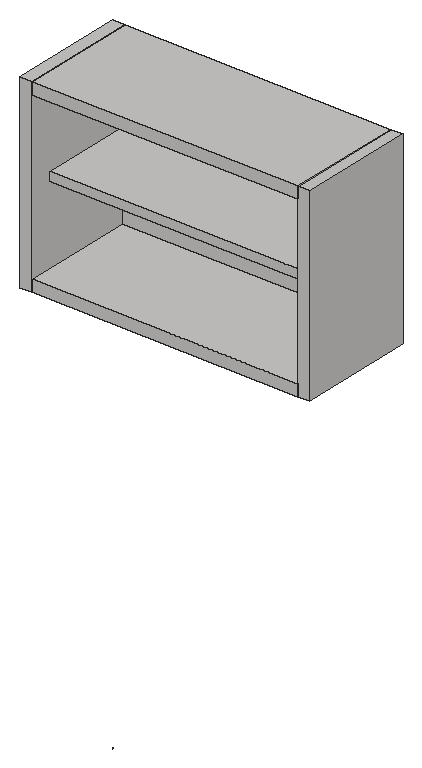
Revit family "QF_ELECTROLUXPROFESSIONAL_133256_PA1000LCN", category Attrezzature speciali, Revit 2020
Family settings
  Quota connettore circolare = Usa diametro
  Tipo di parte = Normale
  Basato su piano di lavoro = No
  Sempre verticale = Sì
  Taglio con vuoti quando caricato = No
  Condiviso = No
  Punto di calcolo locali = No
Parameters (values of type "Standard")
  Weight = 19.00 kg
  Watts = 0 W
  Volts = 0 V
  URL Manufacturer = "https://www.electroluxprofessional.com/"
  URL = "https://www.electroluxprofessional.com/"
  Steam Supply Size = 0 mm
  Steam Supply Minimum Pressure = 0.0 Pa
  Steam Supply Maximum Pressure = 0.0 Pa
  Steam Consumption per Hour = 0
  Refrigeration Suction Line Size = 0.0 mm
  Refrigeration Liquid Line Size = 0.0 mm
  Refrigerant Compressor Remote = yes
  Prospetto di default = 0.0 mm
  Phase = 0
  Modello = "PA1000LCN"
  Produttore = "Electrolux Professional"
  Length Actual = 1000.0 mm  # constant formula
  Item Number = "133256"
  Hot Water Size = 0 mm
  Height Actual = 650.0 mm  # constant formula
  HP = "0 HP"
  Gas Size = 0 mm
  Gas KW = 0
  Gas Input Pressure = 0 W
  Direct Waste Size = 0 mm
  Descrizione = "OPEN WALL CUPBOARD 1000 MM"
  Depth Actual = 400.0 mm  # constant formula
  Cycle = 0 Hz
  Condensate Return Size = 0 mm
  Compressed Air Volume = 0.0 L/s
  Compressed Air Size = 0 mm
  Compressed Air Pressure = 0.0 Pa
  Cold Water Size = 0 mm
  Accessory = yes
Reference planes
  plane 1 "Center (Front/Back)": y = 0
  plane 2: z = 0
  plane 3 "Center (Left/Right)": x = -300
  plane 4 "LEFT": x = -800
  plane 5 "RIGHT": x = 200
  plane 6 "BACK": y = 200
  plane 7 "FRONT": y = -200
  plane 8 "Base": z = 2250
  plane 9 "BASE": z = 1600
  plane 10: x = -760
  plane 11: x = 160
  plane 12: y = -197
  plane 13: y = 150
  plane 14: y = 190
  plane 15 "Ripiano": z = 1910
  plane 16: z = 1940
Forms (mm)
  Extrusion 1, solid, material "QF_Finishes_Stainless Steel"
    sketch origin (0, 0, 1600) x (-1, 0, 0) y (0, -1, 0)
      loop
        line (800, -200) -> (800, 200) -> (760, 200) -> (760, -200) -> (800, -200)
      loop
        line (-160, -200) -> (-160, 200) -> (-200, 200) -> (-200, -200) -> (-160, -200)
    from 0 to 650
  Extrusion 2, solid, material "QF_Finishes_Stainless Steel"
    sketch origin (0, 0, 1600) x (-1, 0, 0) y (0, -1, 0)
      loop
        line (760, -200) -> (760, 200) -> (-160, 200) -> (-160, -200) -> (760, -200)
    from 0 to 40
  Extrusion 3, solid, material "QF_Finishes_Stainless Steel"
    sketch origin (0, 0, 0) x (1, 0, 0) y (0, 1, 0)
      loop
        line (-760, -200) -> (160, -200) -> (160, 200) -> (-760, 200) -> (-760, -200)
    from 2210 to 2250
  Extrusion 4, solid, material "QF_Finishes_Stainless Steel"
    sketch origin (0, 0, 0) x (1, 0, 0) y (0, 1, 0)
      loop
        line (-800, 200) -> (-800, 199) -> (-799, 199) -> (-799, 200) -> (-800, 200)
    from 0 to 1
  Extrusion 5, solid, material "QF_Finishes_Stainless Steel"
    sketch origin (0, 0, 1910) x (-1, 0, 0) y (0, -1, 0)
      loop
        line (760, -190) -> (760, 124.1) -> (-160, 124.1) -> (-160, -190) -> (760, -190)
    from 0 to 30
  Extrusion 6, solid, material "QF_Finishes_Stainless Steel"
    sketch origin (0, 0, 1910) x (-1, 0, 0) y (0, -1, 0)
      loop
        line (760, -200) -> (760, -190) -> (-160, -190) -> (-160, -200) -> (760, -200)
    from -270 to 300
Lines and regions (mm)
  symbolic lines
    curve 1: line (200, 200, 0) -> (-800, -200, 0)
    curve 2: line (-800, 200, 0) -> (200, 200, 0)
    curve 3: line (-800, -200, 0) -> (-800, 200, 0)
    curve 4: line (200, -200, 0) -> (-800, -200, 0)
    curve 5: line (200, 200, 0) -> (200, -200, 0)
  symbolic lines, style "SpecialityEquipmentHiddenLines"
    curve 6: line (-760, -124.1, 1910) -> (160, -124.1, 1910)
    curve 7: line (160, -200, 1910) -> (160, 190, 1910)
    curve 8: line (160, 190, 1910) -> (-760, 190, 1910)
    curve 9: line (-760, 190, 1910) -> (-760, -200, 1910)
Dimensions and locks
  plane 4 "LEFT" to plane 5 "RIGHT" = 1000.0 mm
  equal spacing: plane 4 "LEFT", plane 3 "Center (Left/Right)", plane 5 "RIGHT"
  plane 6 "BACK" to plane 7 "FRONT" = 400.0 mm
  equal spacing: plane 6 "BACK", plane 1 "Center (Front/Back)", plane 7 "FRONT"
  plane 9 "BASE" to level = 1600.0 mm
  locked: plane 4 "LEFT" to plane 10 at 40
  locked: plane 11 to plane 5 "RIGHT" at 40
  plane 12 to plane 7 "FRONT" = 3.0 mm
  plane 6 "BACK" to plane 13 = 50.0 mm
  locked: plane 8 "Base" to plane 9 "BASE" at 650
  locked: plane 15 "Ripiano" to plane 9 "BASE" at 310
  locked: plane 16 to plane 15 "Ripiano" at 30
  aligned and locked: level to plane 2
  aligned and locked: plane 8 "Base" to Extrusion 1
  aligned and locked: plane 6 "BACK" to Extrusion 1 sketch curve
  aligned and locked: Extrusion 1 sketch curve to plane 6 "BACK"
  aligned and locked: plane 7 "FRONT" to Extrusion 1 sketch curve
  aligned and locked: Extrusion 1 sketch curve to plane 7 "FRONT"
  aligned and locked: plane 10 to Extrusion 1
  aligned and locked: Extrusion 1 to plane 11
  aligned and locked: Extrusion 2 to plane 10
  aligned and locked: plane 11 to Extrusion 2
  aligned and locked: plane 8 "Base" to Extrusion 3
  aligned and locked: Extrusion 3 to plane 7 "FRONT"
  aligned and locked: Extrusion 2 to plane 7 "FRONT"
Automatic sketch dimensions
  Extrusion 1 sketch curve to plane 5 "RIGHT" = 0.0 mm
  Extrusion 1 sketch curve to plane 11 = 0.0 mm
  Extrusion 1 sketch curve to plane 10 = 0.0 mm
  Extrusion 1 sketch curve to plane 4 "LEFT" = 0.0 mm
  Extrusion 2 sketch curve to plane 11 = 0.0 mm
  Extrusion 2 sketch curve to plane 10 = 0.0 mm
  Extrusion 2 sketch curve to plane 13 = 50.0 mm
  Extrusion 2 sketch curve to plane 12 = 3.0 mm
  Extrusion 3 sketch curve to plane 10 = 0.0 mm
  Extrusion 3 sketch curve to plane 11 = 0.0 mm
  Extrusion 3 sketch curve to plane 12 = 3.0 mm
  Extrusion 3 sketch curve to plane 14 = 10.0 mm
  Extrusion 4 sketch curve to plane 6 "BACK" = 0.0 mm
  Extrusion 4 sketch curve to plane 4 "LEFT" = 0.0 mm
  plane 4 "LEFT" to Extrusion 4 sketch curve = 1.0 mm
  Extrusion 4 sketch curve to plane 6 "BACK" = 1.0 mm
  curve 4 to plane 4 "LEFT" = 0.0 mm
  curve 5 to plane 5 "RIGHT" = 0.0 mm
  Extrusion 5 sketch curve to plane 11 = 0.0 mm
  Extrusion 5 sketch curve to plane 10 = 0.0 mm
  plane 14 to Extrusion 5 sketch curve = 0.0 mm
  plane 12 to Extrusion 5 sketch curve = 72.9 mm
  Extrusion 6 sketch curve to plane 6 "BACK" = 0.0 mm
  Extrusion 6 sketch curve to plane 11 = 0.0 mm
  Extrusion 6 sketch curve to plane 10 = 0.0 mm
  plane 14 to Extrusion 6 sketch curve = 0.0 mm
  curve 1 to plane 7 "FRONT" = 0.0 mm
  curve 3 to plane 6 "BACK" = 0.0 mm
  curve 6 to plane 11 = 0.0 mm
  curve 6 to plane 10 = 0.0 mm
  plane 14 to curve 9 = 0.0 mm
  curve 9 to plane 7 "FRONT" = 0.0 mm
  curve 7 to plane 7 "FRONT" = 0.0 mm
  plane 12 to curve 6 = 72.9 mm
